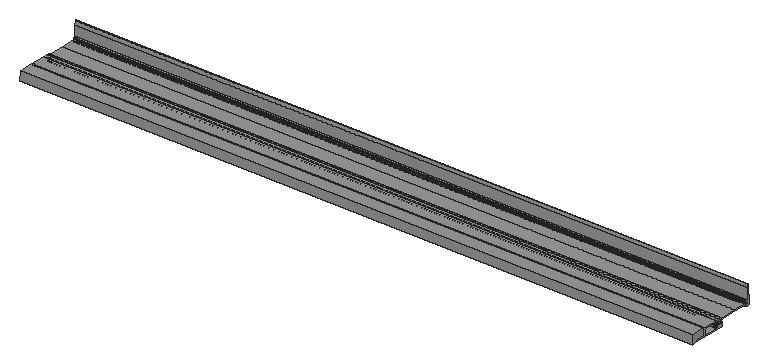
Revit family "Expansion_Joint-Glide_Plate-Inpro-300_Series-Floor_Wall", category Generic Models, host Face, Revit 2018
Family settings
  Host = Face
  Can host rebar = No
  Round Connector Dimension = Use Diameter
  Part Type = Normal
  OmniClass Number = 23.20.30.24.21.14
  OmniClass Title = Expansion Joints
  Cut with Voids When Loaded = Yes
  Shared = No
  Room Calculation Point = No
Parameters (values of type "4" Joint")
  Vapor Barrier = no
  URL = "https://www.inprocorp.com/products/expansion-joint-systems/300-series/"
  Type Comments = "4\" Joint"
  Sightline = 0' - 6 9/16"
  Plate Width = 0' - 5 3/16"
  Overall Length [instance] = 6' - 8"
  OmniClass Title = "Expansion Joint"
  OmniClass Number = "23.20.30.24.21.14"
  Model = "300 - (300-A02-100)"
  Manufacturer = "Inpro®"
  Joint Width = 0' - 4"
  Joint Depth [instance] = 1' - 1"
  Inpro ISO# = "BIMJM.032 REV2"  # constant formula
  Fire Barrier = no
  Description = "Floor/Wall - Movement: +/-50%"
  Default Elevation = 0' - 0"
  Cover Material = Aluminum-Inpro
  Copyright © = "Inpro Corporation"
  CSI MasterFormat Title = "Expansion Joint Cover Assemblies"
  CSI MasterFormat Number = "07.95.13"
  Bracket Material = Aluminum-Inpro
  Blockout Width = 0' - 4 1/4"
Types (6): name | Type Comments | Sightline | Plate Width | Model | Joint Width | Blockout Width
  (no name) | "4\" Joint" | 0' - 6 9/16" | 0' - 5 3/16" | "300 - (300-A02-100)" | 0' - 4" | 0' - 4 1/4"
  1" Joint | "1\" Joint" | 0' - 2 1/8" | 0' - 1 1/2" | "300 - (300-A02-025)" | 0' - 1" | 0' - 2 3/4"
  2" Joint | "2\" Joint" | 0' - 3 5/8" | 0' - 2 3/4" | "300 - (300-A02-050)" | 0' - 2" | 0' - 3 1/4"
  3" Joint | "3\" Joint" | 0' - 5 1/16" | 0' - 4" | "300 - (300-A02-075)" | 0' - 3" | 0' - 3 3/4"
  4" Joint | "4\" Joint" | 0' - 6 9/16" | 0' - 5 3/16" | "300 - (300-A02-100)" | 0' - 4" | 0' - 4 1/4"
  6" Joint | "6\" Joint" | 0' - 9 9/16" | 0' - 7 11/16" | "300 - (300-A02-150)" | 0' - 6" | 0' - 5 1/4"
Reference planes (in)
  plane 1 "Center (Front/Back)": y = 0
  plane 2: z = 0
  plane 3 "Center (Left/Right)": x = 0
  plane 4 "Left": y = 2
  plane 5 "Right": y = -4.5625
  plane 6 "Back": x = -40
  plane 7 "Front": x = 40
  plane 8 "Joint Left": y = 2
  plane 9 "Joint Right": y = -2
  plane 10 "Top": z = 1
  plane 11 "Bottom": z = -13
  plane 12: y = -6.25
  plane 13: z = -1
  plane 14: y = -2.73787
  plane 15: y = -5.75
  plane 16: y = -3.1875
Forms (in)
  Extrusion 1, void
    sketch origin (0, 0, 0) x (0, 1, 0) y (0, 0, 1)
      loop
        line (2, 0) -> (-6.25, 0) -> (-6.25, -1) -> (-2, -1) -> (-2, -13) -> (2, -13) -> (2, 0)
    from -40 to 40
  Extrusion 2, solid, material "Aluminum-Inpro" <- "Bracket Material"
    sketch origin (0, 0, 0) x (0, 1, 0) y (0, 0, 1)
      loop
        line (-2.32872, -0.09029) -> (-2.15179, -0.07481) -> (-2.12731, -0.12211)
        arc (-2.12731, -0.12211) -> (-2.05052, -0.11151) -> (-1.97432, -0.09732) r 1.65188
        arc (-1.97432, -0.09732) -> (-1.95816, -0.07959) -> (-1.97116, -0.05943) r 0.01967
        arc (-1.97116, -0.05943) -> (-2.14039, -0.01497) -> (-2.31473, 0) r 1.02286
        line (-2.31473, 0) -> (-2.73787, 0) -> (-4.52316, 0)
        arc (-4.52316, 0) -> (-4.55098, -0.01152) -> (-4.5625, -0.03934) r 0.03934
        line (-4.5625, -0.03934) -> (-4.5625, -0.86602) -> (-5.75, -0.86602) -> (-5.75, -1) -> (-2.73787, -1) -> (-2.039, -1)
        arc (-2.039, -1) -> (-2.01142, -0.98858) -> (-2, -0.961) r 0.039
        line (-2, -0.961) -> (-2, -0.90536)
        arc (-2, -0.90536) -> (-2.01967, -0.88569) -> (-2.03934, -0.90536) r 0.01967
        arc (-2.03934, -0.90536) -> (-2.04751, -0.94158) -> (-2.08454, -0.93884) r 0.02843
        line (-2.08454, -0.93884) -> (-2.15506, -0.86832)
        arc (-2.15506, -0.86832) -> (-2.16416, -0.84635) -> (-2.15506, -0.82437) r 0.03108
        line (-2.15506, -0.82437) -> (-2.08454, -0.75385)
        arc (-2.08454, -0.75385) -> (-2.04751, -0.75111) -> (-2.03934, -0.78734) r 0.02843
        arc (-2.03934, -0.78734) -> (-2.01967, -0.80701) -> (-2, -0.78734) r 0.01967
        line (-2, -0.78734) -> (-2, -0.68864)
        arc (-2, -0.68864) -> (-2.01142, -0.66107) -> (-2.039, -0.64964) r 0.039
        line (-2.039, -0.64964) -> (-2.11942, -0.64964) -> (-2.32596, -0.85618) -> (-2.41308, -0.85618) -> (-2.41308, -0.73816) -> (-2.36094, -0.73816) -> (-2.32534, -0.70256)
        arc (-2.32534, -0.70256) -> (-2.31862, -0.66878) -> (-2.34726, -0.64964) r 0.031
        line (-2.34726, -0.64964) -> (-2.43612, -0.64964)
        arc (-2.43612, -0.64964) -> (-2.45118, -0.65264) -> (-2.46394, -0.66117) r 0.03934
        line (-2.46394, -0.66117) -> (-2.51958, -0.7168)
        arc (-2.51958, -0.7168) -> (-2.52811, -0.72957) -> (-2.5311, -0.74462) r 0.03934
        line (-2.5311, -0.74462) -> (-2.5311, -0.82668)
        arc (-2.5311, -0.82668) -> (-2.54262, -0.85449) -> (-2.57044, -0.86602) r 0.03934
        line (-2.57044, -0.86602) -> (-2.73787, -0.86602) -> (-4.40514, -0.86602) -> (-4.40514, -0.21637)
        arc (-4.40514, -0.21637) -> (-4.37633, -0.14683) -> (-4.30678, -0.11802) r 0.09835
        line (-4.30678, -0.11802) -> (-2.73787, -0.11802) -> (-2.53503, -0.11802)
        arc (-2.53503, -0.11802) -> (-2.44081, -0.12796) -> (-2.34617, -0.13248) r 1.65187
        line (-2.34617, -0.13248) -> (-2.32268, -0.08976)
    from -40 to 40
  Extrusion 3, solid, material "Aluminum-Inpro" <- "Bracket Material"
    sketch origin (0, 0, 0) x (0, 1, 0) y (0, 0, 1)
      loop
        arc (1.79068, -0.37862) -> (1.85323, -0.39681) -> (1.89659, -0.44541) r 0.118
        arc (1.89659, -0.44541) -> (1.94758, -0.4794) -> (2, -0.44766) r 0.05712
        line (2, -0.44766) -> (2, 1.80727) -> (1.96868, 1.80727) -> (1.90956, 1.41307) -> (1.90956, 0.17267)
        arc (1.90956, 0.17267) -> (1.87495, 0.08914) -> (1.79142, 0.05454) r 0.11813
        arc (1.79142, 0.05454) -> (1.73189, 0.04619) -> (1.67695, 0.02181) r 0.21658
        arc (1.67695, 0.02181) -> (1.65835, -0.00758) -> (1.66981, -0.04043) r 0.04
        line (1.66981, -0.04043) -> (1.71485, -0.08547)
        arc (1.71485, -0.08547) -> (1.89971, -0.16204) -> (1.71485, -0.23861) r 0.10829
        line (1.71485, -0.23861) -> (1.66981, -0.28366)
        arc (1.66981, -0.28366) -> (1.65835, -0.3165) -> (1.67695, -0.3459) r 0.04
        arc (1.67695, -0.3459) -> (1.73154, -0.37018) -> (1.79068, -0.37862) r 0.21658
    from -40 to 40
  Extrusion 4, solid, material "Aluminum-Inpro" <- "Cover Material"
    sketch origin (0, 0, 0) x (0, 1, 0) y (0, 0, 1)
      loop
        line (-0.00202, -0.10254) -> (-3.1875, -0.16605) -> (-3.1875, -0.43624) -> (-3.1185, -0.43624) -> (-3.1185, -0.27885) -> (0, -0.21961) -> (1.71211, -0.21961)
        arc (1.71211, -0.21961) -> (1.88939, -0.1644) -> (1.71497, -0.10073) r 0.098
        line (1.71497, -0.10073) -> (0, -0.10073)
    from -40 to 40
  Extrusion 5, solid, material "Aluminum-Inpro" <- "Bracket Material"
    sketch origin (0, 0, 0) x (0, 1, 0) y (0, 0, 1)
      loop
        line (-2.01181, -0.55127) -> (-2.13904, -0.55127) -> (-2.13904, -0.47488) -> (-2.0901, -0.47488)
        arc (-2.0901, -0.47488) -> (-2.18797, -0.37701) -> (-2.28585, -0.47488) r 0.09787
        line (-2.28585, -0.47488) -> (-2.23691, -0.47488) -> (-2.23691, -0.55127) -> (-2.41308, -0.55127) -> (-2.41308, -0.64914) -> (-2.33241, -0.64914)
        arc (-2.33241, -0.64914) -> (-2.30932, -0.66457) -> (-2.31474, -0.69182) r 0.025
        line (-2.31474, -0.69182) -> (-2.36094, -0.73816) -> (-2.41308, -0.73816) -> (-2.41308, -0.85618) -> (-2.32596, -0.85618) -> (-2.11892, -0.64914) -> (-2.01181, -0.64914) -> (-2.01181, -0.55127)
    from -40 to 40
  Extrusion 6, solid, material "Rubber"
    sketch origin (0, 0, 0) x (0, 1, 0) y (0, 0, 1)
      loop
        line (-2.363, -0.53621) -> (-2.2432, -0.53621) -> (-2.2432, -0.47488) -> (-2.2899, -0.47488)
        arc (-2.2899, -0.47488) -> (-2.18781, -0.3728) -> (-2.08573, -0.47488) r 0.10209
        line (-2.08573, -0.47488) -> (-2.13339, -0.47488) -> (-2.13339, -0.53621) -> (-2.01327, -0.53621) -> (-2.01327, -0.4338)
        arc (-2.01327, -0.4338) -> (-2.18813, -0.25894) -> (-2.363, -0.4338) r 0.17487
        line (-2.363, -0.4338) -> (-2.363, -0.53621)
    from -40 to 40
  Extrusion 7, solid, material "Concrete, Exposed Aggregate"
    sketch origin (0, 0, 0) x (0, 1, 0) y (0, 0, 1)
      loop
        line (-6.25, 0) -> (-6.25, -1) -> (-5.75, -1) -> (-5.75, -0.86602) -> (-4.5625, -0.86602) -> (-4.5625, 0) -> (-6.25, 0)
    from -40 to 40
Lines and regions (in)
  Masking region 1, detail levels fine
    outline origin (0, 0, 0) x (0, 1, 0) y (0, 0, 1)
      loop
        line (-5.28586, -1) -> (-5.28586, -2.76614) -> (-5.19211, -2.92852) -> (-5.09836, -2.76614) -> (-5.09836, -1) -> (-5.28586, -1)
      loop
        line (-5.40311, -0.86602) -> (-4.98111, -0.86602) -> (-4.98111, -0.83477) -> (-5.02289, -0.83477) -> (-5.02289, -0.69996)
        arc (-5.02289, -0.69996) -> (-5.19411, -0.67851) -> (-5.36533, -0.69996) r 0.6944
        line (-5.36533, -0.69996) -> (-5.36533, -0.83477) -> (-5.40311, -0.83477) -> (-5.40311, -0.86602)
  Masking region 2, detail levels fine
    outline origin (0, 0, 0) x (0, 1, 0) y (0, 0, 1)
      loop
        line (2, 0.86244) -> (2.05027, 0.90614) -> (3.99886, 0.90614) -> (4.15681, 0.96996) -> (3.99254, 1.03633) -> (2.04927, 1.03633) -> (2, 1.08008) -> (2, 0.86244)
  Masking region 3
    outline origin (0, 0, 0) x (1, 0, 0) y (0, 1, 0)
      loop
        line (-40, 2) -> (-40, -6.25) -> (40, -6.25) -> (40, 2) -> (-40, 2)
  Masking region 4
    outline origin (0, 0, 0) x (0, 1, 0) y (0, 0, 1)
      loop
        line (-6.25, 0) -> (-6.25, -1) -> (-5.75, -1) -> (-5.75, -0.86602) -> (-4.5625, -0.86602) -> (-4.5625, 0) -> (-6.25, 0)
  symbolic lines, detail levels medium+fine
    curve 1: line (0, -5.28586, -1) -> (0, -5.28586, -0.86602)
    curve 2: line (0, -5.09836, -1) -> (0, -5.09836, -0.86602)
    curve 3: line (0, 2, 0.86244) -> (0, 1.90956, 0.772)
    curve 4: line (0, 2, 1.08008) -> (0, 1.90956, 1.17053)
    curve 5: line (-40, -4.5625, 0) -> (40, -4.5625, 0)
    curve 6: line (40, -1.9581, 0) -> (-40, -1.9581, 0)
    curve 7: line (-40, 0.15809, 0) -> (40, 0.15809, 0)
    curve 8: line (40, 1.96868, 0) -> (-40, 1.96868, 0)
  symbolic lines, detail levels coarse
    curve 9: line (-40, 2, 0) -> (40, -6.25, 0)
    curve 10: line (40, 2, 0) -> (-40, -6.25, 0)
Dimensions and locks (in)
  equal spacing: plane 8 "Joint Left", plane 1 "Center (Front/Back)", plane 9 "Joint Right"
  "Joint Width": plane 8 "Joint Left" to plane 9 "Joint Right"
  "Sightline": plane 4 "Left" to plane 5 "Right"
  equal spacing: plane 6 "Back", plane 3 "Center (Left/Right)", plane 7 "Front"
  "Overall Length": plane 6 "Back" to plane 7 "Front"
  "Joint Depth": plane 2 to plane 11 "Bottom"
  "Blockout Width": plane 12 to plane 9 "Joint Right"
  locked: plane 13 to level at 1
  locked: plane 12 to plane 15 at 0.5
  locked: plane 14 to Extrusion 2 sketch curve at 0.77977
  locked: plane 14 to plane 9 "Joint Right" at 0.73787
  plane 15 to plane 5 "Right" = 0' - 1 3/16"
  locked: plane 16 to Extrusion 4 sketch curve at 0.069
  locked: Extrusion 4 sketch curve to plane 8 "Joint Left" at 0.28503
  "Plate Width": plane 16 to plane 8 "Joint Left"
  locked: Extrusion 5 to Extrusion 5 at 0.40127
  locked: Extrusion 5 sketch curve to Extrusion 5 sketch curve at 0.40127
  locked: plane 15 to curve 1 at 0.46414
  locked: plane 15 to curve 2 at 0.65164
  aligned and locked: plane 2 to host face
  aligned and locked: level to host face
  aligned and locked: Extrusion 1 sketch curve to plane 8 "Joint Left"
  aligned and locked: plane 9 "Joint Right" to Extrusion 1 sketch curve
  aligned and locked: plane 11 "Bottom" to Extrusion 1 sketch curve
  aligned and locked: Extrusion 1 sketch curve to plane 2
  aligned and locked: plane 6 "Back" to Extrusion 1
  aligned and locked: Extrusion 1 to plane 7 "Front"
  aligned and locked: plane 12 to Extrusion 1
  aligned and locked: Extrusion 1 to plane 13
  aligned and locked: plane 14 to Extrusion 2 sketch curve  (x4)
  aligned and locked: Extrusion 2 to plane 13
  aligned and locked: plane 15 to Extrusion 2
  aligned and locked: plane 9 "Joint Right" to Extrusion 2 sketch curve  (x2)
  aligned and locked: plane 4 "Left" to plane 8 "Joint Left"
  aligned and locked: plane 5 "Right" to Extrusion 2
  aligned and locked: Extrusion 2 to plane 7 "Front"
  aligned and locked: Extrusion 3 to plane 7 "Front"
  aligned and locked: plane 6 "Back" to Extrusion 2
  aligned and locked: plane 6 "Back" to Extrusion 3
  aligned and locked: Extrusion 5 sketch curve to Extrusion 2  (x3)
  aligned and locked: Extrusion 2 to Extrusion 5 sketch curve
  aligned and locked: Extrusion 6 to plane 7 "Front"
  aligned and locked: plane 6 "Back" to Extrusion 6
  aligned and locked: Extrusion 5 to plane 7 "Front"
  aligned and locked: plane 6 "Back" to Extrusion 5
  aligned and locked: Masking region 3 sketch curve to plane 8 "Joint Left"
  aligned and locked: Masking region 3 sketch curve to plane 12
  aligned and locked: Masking region 3 sketch curve to plane 6 "Back"
  aligned and locked: plane 7 "Front" to Masking region 3 sketch curve
  aligned and locked: Extrusion 4 to plane 7 "Front"
  aligned and locked: plane 6 "Back" to Extrusion 4
  aligned and locked: curve 5 to plane 5 "Right"
  aligned and locked: Extrusion 7 to plane 7 "Front"
  aligned and locked: plane 6 "Back" to Extrusion 7
Automatic sketch dimensions
  host sketch curve to host sketch curve = 8' - 0"  (x2)
  Extrusion 1 sketch curve to Extrusion 1 sketch curve = 0' - 1"
  Extrusion 1 sketch curve to plane 9 "Joint Right" = 0' - 4 1/4"
  Extrusion 2 sketch curve to Extrusion 2 sketch curve = 0' - 0"  (x4)
  Extrusion 2 sketch curve to level = 0' - 0"
  Extrusion 2 sketch curve to Extrusion 2 sketch curve = 0' - 0.09835"
  Extrusion 2 sketch curve to Extrusion 2 sketch curve = 0' - 0.21637"
  Extrusion 2 sketch curve to level = 0' - 0.03934"
  Extrusion 2 sketch curve to plane 13 = 0' - 0"
  Extrusion 2 sketch curve to plane 12 = 0' - 0 1/2"
  Extrusion 2 sketch curve to Extrusion 2 sketch curve = 0' - 0.16743"
  Extrusion 2 sketch curve to plane 14 = 0' - 0.20284"
  Extrusion 2 sketch curve to Extrusion 2 sketch curve = 0' - 0.03934"
  Extrusion 2 sketch curve to Extrusion 2 sketch curve = 0' - 0.01152"
  Extrusion 2 sketch curve to Extrusion 2 sketch curve = 0' - 0.02782"  (x2)
  Extrusion 2 sketch curve to Extrusion 2 sketch curve = 0' - 0.05564"
  Extrusion 2 sketch curve to Extrusion 2 sketch curve = 0' - 0.02305"
  Extrusion 2 sketch curve to Extrusion 2 sketch curve = 0' - 0.05214"
  Extrusion 2 sketch curve to Extrusion 2 sketch curve = 0' - 0.01368"
  Extrusion 2 sketch curve to Extrusion 2 sketch curve = 0' - 0.18886"
  Extrusion 2 sketch curve to Extrusion 2 sketch curve = 0' - 0.08712"
  Extrusion 2 sketch curve to Extrusion 2 sketch curve = 0' - 0.02192"  (x2)
  plane 13 to Extrusion 2 sketch curve = 0' - 0.02286"
  Extrusion 2 sketch curve to Extrusion 2 sketch curve = 0' - 0.01123"
  Extrusion 2 sketch curve to plane 9 "Joint Right" = 0' - 0.15506"
  Extrusion 2 sketch curve to level = 0' - 0.07481"
  Extrusion 2 sketch curve to plane 9 "Joint Right" = 0' - 0.15179"
  Extrusion 2 sketch curve to Extrusion 2 sketch curve = 0' - 0.02198"  (x2)
  Extrusion 2 sketch curve to Extrusion 2 sketch curve = 0' - 0.02448"
  Extrusion 2 sketch curve to plane 9 "Joint Right" = 0' - 0.11942"
  Extrusion 2 sketch curve to plane 9 "Joint Right" = 0' - 0.08454"  (x2)
  Extrusion 2 sketch curve to Extrusion 2 sketch curve = 0' - 0.02011"  (x3)
  Extrusion 2 sketch curve to Extrusion 2 sketch curve = 0' - 0.02543"
  Extrusion 2 sketch curve to plane 9 "Joint Right" = 0' - 0.039"
  Extrusion 2 sketch curve to Extrusion 2 sketch curve = 0' - 0.01967"  (x2)
  plane 9 "Joint Right" to Extrusion 2 sketch curve = 0' - 0.02223"
  Extrusion 2 sketch curve to Extrusion 2 sketch curve = 0' - 0.02216"
  Extrusion 2 sketch curve to Extrusion 2 sketch curve = 0' - 0.07052"
  Extrusion 2 sketch curve to Extrusion 2 sketch curve = 0' - 0.13398"
  Extrusion 2 sketch curve to plane 13 = 0' - 0.13398"
  Extrusion 2 sketch curve to Extrusion 2 sketch curve = 0' - 0.02951"
  Extrusion 2 sketch curve to Extrusion 2 sketch curve = 0' - 0.11802"
  Extrusion 2 sketch curve to Extrusion 2 sketch curve = 0' - 0.01338"
  Extrusion 2 sketch curve to Extrusion 2 sketch curve = 0' - 0.08206"
  Extrusion 2 sketch curve to Extrusion 2 sketch curve = 0' - 0.00646"
  Extrusion 2 sketch curve to Extrusion 2 sketch curve = 0' - 0.0356"
  Extrusion 2 sketch curve to Extrusion 2 sketch curve = 0' - 0.04918"
  Extrusion 2 sketch curve to Extrusion 2 sketch curve = 0' - 0.06521"
  Extrusion 2 sketch curve to level = 0' - 0.21637"
  Extrusion 2 sketch curve to level = 0' - 0.13248"
  Extrusion 2 sketch curve to Extrusion 2 sketch curve = 0' - 0.0473"
  Extrusion 2 sketch curve to level = 0' - 0.07795"
  Extrusion 2 sketch curve to level = 0' - 0.09029"
  Extrusion 2 sketch curve to Extrusion 2 sketch curve = 0' - 0.01745"
  Extrusion 2 sketch curve to level = 0' - 0.08976"
  Extrusion 3 sketch curve to Extrusion 3 sketch curve = 0' - 0"  (x6)
  Extrusion 3 sketch curve to plane 8 "Joint Left" = 0' - 0"
  Extrusion 3 sketch curve to plane 8 "Joint Left" = 0' - 0.03132"
  Extrusion 3 sketch curve to plane 8 "Joint Left" = 0' - 0.05118"
  Extrusion 3 sketch curve to plane 8 "Joint Left" = 0' - 0.20858"
  Extrusion 3 sketch curve to Extrusion 3 sketch curve = 0' - 0.15854"
  Extrusion 3 sketch curve to Extrusion 3 sketch curve = 0' - 0.09333"  (x2)
  Extrusion 3 sketch curve to level = 0' - 0.01214"
  Extrusion 3 sketch curve to level = 0' - 0.04043"
  Extrusion 3 sketch curve to Extrusion 3 sketch curve = 0' - 0.02828"  (x3)
  Extrusion 3 sketch curve to level = 0' - 0.16204"
  Extrusion 3 sketch curve to Extrusion 3 sketch curve = 0' - 0.12161"
  Extrusion 3 sketch curve to Extrusion 3 sketch curve = 0' - 0.11036"
  Extrusion 3 sketch curve to Extrusion 3 sketch curve = 0' - 0.02536"
  Extrusion 3 sketch curve to Extrusion 3 sketch curve = 0' - 0.07432"
  level to Extrusion 3 sketch curve = 0' - 0.17267"
  plane 10 "Top" to Extrusion 3 sketch curve = 0' - 0.80727"
  Extrusion 3 sketch curve to plane 8 "Joint Left" = 0' - 0.09044"
  Extrusion 3 sketch curve to Extrusion 3 sketch curve = 0' - 0.05223"
  Extrusion 3 sketch curve to Extrusion 3 sketch curve = 0' - 0.04504"  (x2)
  Extrusion 3 sketch curve to level = 0' - 0.08547"
  Extrusion 3 sketch curve to Extrusion 3 sketch curve = 0' - 0.3942"
  plane 14 to Extrusion 2 sketch curve = 0' - 1.82463"
  Extrusion 4 sketch curve to plane 1 "Center (Front/Back)" = 0' - 0"  (x2)
  Extrusion 4 sketch curve to Extrusion 4 sketch curve = 0' - 0.00286"
  Extrusion 4 sketch curve to Extrusion 4 sketch curve = 0' - 0.07931"
  Extrusion 4 sketch curve to level = 0' - 0.43624"
  Extrusion 4 sketch curve to Extrusion 4 sketch curve = 0' - 0.15739"
  Extrusion 4 sketch curve to level = 0' - 0.21961"
  Extrusion 4 sketch curve to Extrusion 4 sketch curve = 0' - 0.1128"
  Extrusion 4 sketch curve to Extrusion 4 sketch curve = 0' - 0.05756"
  plane 1 "Center (Front/Back)" to Extrusion 4 sketch curve = 0' - 0.00202"
  Extrusion 4 sketch curve to Extrusion 4 sketch curve = 0' - 0.00181"
  Extrusion 4 sketch curve to plane 16 = 0' - 0"
  Extrusion 5 sketch curve to Extrusion 5 sketch curve = 0' - 0.02852"
  Extrusion 5 sketch curve to Extrusion 5 sketch curve = 0' - 0.08066"
  Extrusion 5 sketch curve to Extrusion 5 sketch curve = 0' - 0.12723"
  Extrusion 5 sketch curve to Extrusion 5 sketch curve = 0' - 0.04894"  (x3)
  Extrusion 5 sketch curve to Extrusion 5 sketch curve = 0' - 0.02012"
  Extrusion 5 sketch curve to plane 9 "Joint Right" = 0' - 0.01181"
  Extrusion 5 sketch curve to Extrusion 5 sketch curve = 0' - 0.06402"
  Extrusion 5 sketch curve to Extrusion 5 sketch curve = 0' - 0.025"
  Extrusion 5 sketch curve to Extrusion 5 sketch curve = 0' - 0.09787"  (x2)
  Extrusion 5 sketch curve to Extrusion 5 sketch curve = 0' - 0.07638"
  Extrusion 5 sketch curve to Extrusion 5 sketch curve = 0' - 0.01768"
  Extrusion 5 sketch curve to Extrusion 5 sketch curve = 0' - 0.00007"  (x2)
  Extrusion 6 sketch curve to Extrusion 6 sketch curve = 0' - 0.0731"
  Extrusion 6 sketch curve to Extrusion 6 sketch curve = 0' - 0.0467"
  Extrusion 6 sketch curve to Extrusion 6 sketch curve = 0' - 0.05507"
  Extrusion 6 sketch curve to Extrusion 6 sketch curve = 0' - 0.00032"
  Extrusion 6 sketch curve to Extrusion 6 sketch curve = 0' - 0.04766"
  Extrusion 6 sketch curve to plane 9 "Joint Right" = 0' - 0.01327"
  Extrusion 6 sketch curve to plane 13 = 0' - 0.46379"
  Extrusion 6 sketch curve to Extrusion 6 sketch curve = 0' - 0"
  Extrusion 6 sketch curve to Extrusion 6 sketch curve = 0' - 0.06133"
  Extrusion 6 sketch curve to Extrusion 6 sketch curve = 0' - 0.04108"
  plane 13 to Masking region 1 sketch curve = 0' - 0"
  Masking region 1 sketch curve to plane 13 = 0' - 0.13398"
  Masking region 1 sketch curve to plane 15 = 0' - 0.34689"
  Masking region 1 sketch curve to Masking region 1 sketch curve = 0' - 0.03778"
  Masking region 1 sketch curve to Masking region 1 sketch curve = 0' - 0.11725"
  Masking region 1 sketch curve to Masking region 1 sketch curve = 0' - 0.09175"
  Masking region 1 sketch curve to Masking region 1 sketch curve = 0' - 0 3/32"
  Masking region 1 sketch curve to Masking region 1 sketch curve = 0' - 0.07548"
  Masking region 1 sketch curve to Masking region 1 sketch curve = 0' - 0.04177"
  plane 13 to Masking region 1 sketch curve = 0' - 0.37291"
  Masking region 1 sketch curve to Masking region 1 sketch curve = 0' - 1.39322"
  Masking region 1 sketch curve to Masking region 1 sketch curve = 0' - 0"
  Masking region 1 sketch curve to Masking region 1 sketch curve = 0' - 0.16238"
  Masking region 1 sketch curve to Masking region 1 sketch curve = 0' - 0 1/32"  (x2)
  Masking region 1 sketch curve to Masking region 1 sketch curve = 0' - 0.13481"  (x2)
  Masking region 2 sketch curve to plane 4 "Left" = 0' - 0"
  plane 4 "Left" to Masking region 2 sketch curve = 0' - 0.04927"
  plane 4 "Left" to Masking region 2 sketch curve = 0' - 0.05027"
  plane 10 "Top" to Masking region 2 sketch curve = 0' - 0.03633"
  Masking region 2 sketch curve to Masking region 2 sketch curve = 0' - 1.94328"
  Masking region 2 sketch curve to plane 10 "Top" = 0' - 0.09386"
  Masking region 2 sketch curve to Masking region 2 sketch curve = 0' - 0.00631"
  Masking region 2 sketch curve to plane 10 "Top" = 0' - 0.03004"
  Masking region 2 sketch curve to Masking region 2 sketch curve = 0' - 0.15795"
  Masking region 2 sketch curve to Masking region 2 sketch curve = 0' - 0.0437"
  Masking region 2 sketch curve to Masking region 2 sketch curve = 0' - 0.04376"
  plane 13 to curve 1 = 0' - 0"
  plane 13 to curve 2 = 0' - 0"
  curve 4 to plane 4 "Left" = 0' - 0"
  curve 3 to plane 4 "Left" = 0' - 0"
  curve 4 to plane 4 "Left" = 0' - 0.09044"
  curve 3 to plane 4 "Left" = 0' - 0.09044"
  curve 2 to curve 2 = 0' - 0.13398"
  curve 1 to curve 1 = 0' - 0.13398"
  curve 3 to plane 10 "Top" = 0' - 0.228"
  curve 3 to curve 3 = 0' - 0.09044"
  plane 10 "Top" to curve 4 = 0' - 0.08008"
  curve 4 to curve 4 = 0' - 0.09044"
  curve 5 to plane 6 "Back" = 0' - 0"
  curve 9 to plane 4 "Left" = 0' - 0"
  curve 9 to plane 6 "Back" = 0' - 0"
  curve 8 to plane 6 "Back" = 0' - 0"
  curve 6 to plane 6 "Back" = 0' - 0"
  curve 7 to plane 6 "Back" = 0' - 0"
  curve 10 to plane 6 "Back" = 0' - 0"
  curve 6 to plane 7 "Front" = 0' - 0"
  curve 5 to plane 7 "Front" = 0' - 0"
  curve 9 to plane 7 "Front" = 0' - 0"
  curve 10 to plane 4 "Left" = 0' - 0"
  curve 10 to plane 7 "Front" = 0' - 0"
  curve 8 to plane 7 "Front" = 0' - 0"
  curve 7 to plane 7 "Front" = 0' - 0"
  plane 12 to curve 9 = 0' - 0"
  plane 12 to curve 10 = 0' - 0"
  plane 9 "Joint Right" to curve 6 = 0' - 0.0419"
  curve 7 to plane 1 "Center (Front/Back)" = 0' - 0.15809"
  curve 8 to plane 4 "Left" = 0' - 0.03132"
  Extrusion 7 sketch curve to plane 12 = 0' - 0"
  Extrusion 7 sketch curve to plane 15 = 0' - 0"
  Extrusion 7 sketch curve to level = 0' - 0"
  Extrusion 7 sketch curve to plane 5 "Right" = 0' - 0"
  Extrusion 7 sketch curve to plane 13 = 0' - 0"
  Extrusion 7 sketch curve to Extrusion 7 sketch curve = 0' - 0.13398"
  Masking region 4 sketch curve to level = 0' - 0"
  Masking region 4 sketch curve to plane 12 = 0' - 0"
  Masking region 4 sketch curve to plane 15 = 0' - 0"
  Masking region 4 sketch curve to plane 5 "Right" = 0' - 0"
  Masking region 4 sketch curve to plane 13 = 0' - 0"
  Masking region 4 sketch curve to Masking region 4 sketch curve = 0' - 0.13398"
